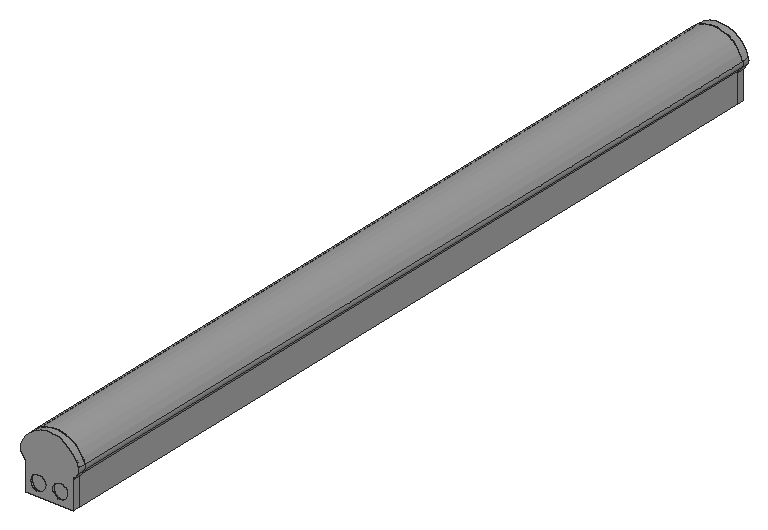
Revit family "SLLED4HTMOWT40-50120-277V", category Lighting Fixtures, host Face, Revit 2016
Family settings
  Host = Face
  Part Type = Normal
  Round Connector Dimension = Use Diameter
  Cut with Voids When Loaded = No
  Light Source = Yes
  Shared = No
  Room Calculation Point = No
Parameters (values of type "SLLED4HTMOWT50120-277V")
  Wattage Comments = "41.6"
  Wattage = 26.4639 W
  built-in parameter 1150110 = 1 (stored number, unit not read)
  Type Image = STRIP LED PICTURE.PNG
  Type Comments = "STRIPLED the ideal linear LED solution for budget conscious installations or replacement of linear fluorescent luminaires which are typically used in warehouses, aisle lighting, service corridors, office, garages, retail and other commercial environments. STRIPLED is IP44 and DLC qualified for utility rebates."
  built-in parameter 1114217 = 0.9 (stored number, unit not read)
  Tilt Angle = -90.00°
  built-in parameter 1150109 = 1 (stored number, unit not read)
  built-in parameter 1150134 = 2
  TOTAL L = (L1 + 0' 0 13/32") * 2  # 4' - 0"
  built-in parameter 1150113 = 1 (stored number, unit not read)
  REFLECTOR MATERIAL = REFLECTOR MATERIAL
  Photometric Web File = "SLLED4HTMOWT50120-277V.ies"
  Model = "SLLED4HTMOWT50120-277V"
  Manufacturer = "BEGHELLI"
  built-in parameter 1150105 = 4363.7 (stored number, unit not read)
  Lumens = 3931 lm
  built-in parameter 1150115 = 1 (stored number, unit not read)
  built-in parameter 1150137 = (empty or 0)
  built-in parameter 1150139 = (empty or 0)
  built-in parameter 1150112 = 1 (stored number, unit not read)
  built-in parameter 1150114 = 1 (stored number, unit not read)
  Lamp = "LED"
  L1 = L / 2  # 1' - 11 19/32"
  L = 3' - 11 3/16"
  built-in parameter 1150132 = 2
  built-in parameter 1150102 = (empty or 0)
  built-in parameter 1150107 = 5000 (stored number, unit not read)
  built-in parameter 1150138 = (empty or 0)
  built-in parameter 1150106 = 43.637 (stored number, unit not read)
  HOUSING MATERIAL = HOUSING MATERIAL
  Emit from Line Length = 2' - 0"
  built-in parameter 1150104 = 13.8 (stored number, unit not read)
  Dimming Lamp Color Temperature Shift = (empty or 0)
  Description = "STRIPLED offers both 4ft and 8ft configurations, color temperature 4000K & 5000K, with multiple mounting options."
  Default Elevation = 4' - 0"
  Color Filter = 16777215
  built-in parameter 1114218 = 1 (stored number, unit not read)
  built-in parameter 1150133 = 10 (stored number, unit not read)
Types (5): name | Wattage Comments | Wattage | built-in parameter 1150134 | TOTAL L | Photometric Web File | Model | built-in parameter 1150105 | Lumens | L1 | L | built-in parameter 1150107 | built-in parameter 1150106
  (no name) | "41.6" | 26.4639 W | 2 | 4' - 0" | "SLLED4HTMOWT50120-277V.ies" | "SLLED4HTMOWT50120-277V" | 4363.7 (stored number, unit not read) | 3931 lm | 1' - 11 19/32" | 3' - 11 3/16" | 5000 (stored number, unit not read) | 43.637 (stored number, unit not read)
  SLLED4HTMOWT40120-277V | "38.3" | 24.2154 W | 12 | 4' - 0" | "SLLED4HTMOWT40120-277V.ies" | "SLLED4HTMOWT40120-277V" | 286.24 (stored number, unit not read) | 3597 lm | 1' - 11 19/32" | 3' - 11 3/16" | 4000 (stored number, unit not read) | 2.8624 (stored number, unit not read)
  SLLED4HTMOWT50120-277V | "41.6" | 26.4639 W | 2 | 4' - 0" | "SLLED4HTMOWT50120-277V.ies" | "SLLED4HTMOWT50120-277V" | 4363.7 (stored number, unit not read) | 3931 lm | 1' - 11 19/32" | 3' - 11 3/16" | 5000 (stored number, unit not read) | 43.637 (stored number, unit not read)
  SLLED4HTHOWT40120-277V | "54.4" | 39.3222 W | 12 | 8' - 0" | "SLLED8HTHOWT40120-277V.ies" | "SLLED4HTHOWT40120-277V" | 6737.3 (stored number, unit not read) | 5841 lm | 3' - 11 19/32" | 7' - 11 3/16" | 4000 (stored number, unit not read) | 67.373 (stored number, unit not read)
  SLLED4HTHOWT50120-277V | "60" | 41.0591 W | 2 | 8' - 0" | "SLLED8HTHOWT50120-277V_S.ies" | "SLLED4HTHOWT50120-277V" | 6770.3 (stored number, unit not read) | 6099 lm | 3' - 11 19/32" | 7' - 11 3/16" | 5000 (stored number, unit not read) | 67.703 (stored number, unit not read)
Values of the unnamed type that differ from the named types
  Dimming Lamp Color Temperature Shift = <None>
Reference planes (in)
  plane 1 "Center (Front/Back)": y = 0
  plane 2: z = 0
  plane 3 "Center (Left/Right)": x = 0
  plane 4: y = 23.59375
  plane 5: y = -23.60625
  plane 6: y = 23.99375
  plane 7: y = -24.00625
  plane 8: z = 3.00002
Dimensions and locks (in)
  "L1": plane 4 to plane 1 "Center (Front/Back)"
  locked: plane 6 to plane 4 at 0.4
  locked: plane 7 to plane 5 at 0.4
  "TOTAL L": plane 6 to plane 7
  aligned and locked: plane 2 to host face
  aligned and locked: level to host face
  aligned and locked: plane 7 to nested 3
  aligned and locked: plane 4 to nested 4
Automatic sketch dimensions
  host sketch curve to host sketch curve = 2' - 1.99313"
  host sketch curve to host sketch curve = 8' - 0"
Nested families (in)
  nested 1: "HOUSING" at (0, 0, 0), type "HOUSING"
    with L1 1' - 11 19/32", L 3' - 11 3/16"
  nested 2: "REFLECTOR-2" at (0, 0, 0), type "REFLECTOR"
    with L1 1' - 11 19/32", L 3' - 11 3/16"
  nested 3: "END CAP" at (0, -24.00625, 0), type "END CAP"
  nested 4: "END CAP" at (0, 23.99375, 0), type "END CAP"
Definition of nested family "HOUSING"
  Parameters (values of type "HOUSING")
    L1 = L / 2  # 1' - 11.6"
    L = 3' - 11.2"
    HOUSING MATERIAL = none
  Reference planes (in)
    plane 1 "Center (Front/Back)": y = 0
    plane 2: z = 0
    plane 3 "Center (Left/Right)": x = 0
    plane 4: z = 3.6
    plane 5: y = 23.6
    plane 6: y = -23.6
  Forms (in)
    Extrusion 1, solid, material <- "HOUSING MATERIAL"
      sketch origin (0, 0, 0) x (1, 0, 0) y (0, 0, 1)
        loop
          line (-1.08937, 1.74893) -> (-1.32001, 1.74893)
          arc (-1.32001, 1.74893) -> (-1.36098, 1.73196) -> (-1.37795, 1.69098) r 0.05795
          line (-1.37795, 1.69098) -> (-1.37795, 0) -> (-0.00143, 0) -> (1.37795, 0) -> (1.37795, 1.69098)
          arc (1.37795, 1.69098) -> (1.36098, 1.73196) -> (1.32001, 1.74893) r 0.05795
          line (1.32001, 1.74893) -> (1.08937, 1.74893) -> (1.08937, 1.70205) -> (1.33108, 1.70205) -> (1.33108, 0.06147) -> (-0.00143, 0.06147) -> (-1.33108, 0.06147) -> (-1.33108, 1.70205) -> (-1.08937, 1.70205) -> (-1.08937, 1.74893)
      from -23.6 to 23.6
  Dimensions and locks (in)
    "L1": plane 5 to plane 1 "Center (Front/Back)"
    "L": plane 5 to plane 6
    aligned and locked: plane 2 to level
    aligned and locked: plane 5 to Extrusion 1
    aligned and locked: plane 6 to Extrusion 1
  Automatic sketch dimensions
    Extrusion 1 sketch curve to level = 0' - 0"
    Extrusion 1 sketch curve to plane 3 "Center (Left/Right)" = 0' - 1.37795"
    Extrusion 1 sketch curve to Extrusion 1 sketch curve = 0' - 0 3/64"  (x2)
    Extrusion 1 sketch curve to Extrusion 1 sketch curve = 0' - 0.01107"  (x3)
    Extrusion 1 sketch curve to Extrusion 1 sketch curve = 0' - 0.23064"  (x2)
    Extrusion 1 sketch curve to plane 3 "Center (Left/Right)" = 0' - 0.00143"  (x2)
    plane 3 "Center (Left/Right)" to Extrusion 1 sketch curve = 0' - 1.08937"
    level to Extrusion 1 sketch curve = 0' - 0.06147"
    plane 3 "Center (Left/Right)" to Extrusion 1 sketch curve = 0' - 1.33108"
    Extrusion 1 sketch curve to Extrusion 1 sketch curve = 0' - 1.62951"  (x2)
Definition of nested family "REFLECTOR-2"
  Parameters (values of type "REFLECTOR")
    REFLECTOR MATERIAL = none
    L1 = L / 2  # 1' - 11.6"
    L = 3' - 11.2"
  Reference planes (in)
    plane 1 "Center (Front/Back)": y = 0
    plane 2: z = 0
    plane 3 "Center (Left/Right)": x = 0
    plane 4: y = 23.6
    plane 5: y = -23.6
  Forms (in)
    Extrusion 1, solid, material <- "REFLECTOR MATERIAL"
      sketch origin (0, 0, 0) x (1, 0, 0) y (0, 0, 1)
        loop
          arc (1.66981, 2.28662) -> (0, 3.54724) -> (-1.66981, 2.28662) r 1.73622
          arc (-1.66981, 2.28662) -> (-1.68107, 2.09808) -> (-1.61171, 1.92239) r 0.43701
          arc (-1.61171, 1.92239) -> (-1.50642, 1.80131) -> (-1.375, 1.70925) r 0.65946
          arc (-1.375, 1.70925) -> (-1.35391, 1.73797) -> (-1.32001, 1.74893) r 0.05795
          line (-1.32001, 1.74893) -> (-1.08937, 1.74893) -> (-1.08937, 1.70205) -> (-1.04249, 1.70205) -> (-1.04249, 1.7958) -> (-1.32001, 1.7958)
          arc (-1.32001, 1.7958) -> (-1.35623, 1.78935) -> (-1.38798, 1.77077) r 0.10482
          arc (-1.38798, 1.77077) -> (-1.48984, 1.84991) -> (-1.57286, 1.94862) r 0.61258
          arc (-1.57286, 1.94862) -> (-1.63478, 2.10546) -> (-1.62473, 2.27378) r 0.39013
          arc (-1.62473, 2.27378) -> (0, 3.50037) -> (1.62473, 2.27378) r 1.68935
          arc (1.62473, 2.27378) -> (1.63478, 2.10546) -> (1.57286, 1.94862) r 0.39013
          arc (1.57286, 1.94862) -> (1.48984, 1.84991) -> (1.38798, 1.77077) r 0.61258
          arc (1.38798, 1.77077) -> (1.35623, 1.78935) -> (1.32001, 1.7958) r 0.10482
          line (1.32001, 1.7958) -> (1.04249, 1.7958) -> (1.04249, 1.70205) -> (1.08937, 1.70205) -> (1.08937, 1.74893) -> (1.32001, 1.74893)
          arc (1.32001, 1.74893) -> (1.35391, 1.73797) -> (1.375, 1.70925) r 0.05795
          arc (1.375, 1.70925) -> (1.50642, 1.80131) -> (1.61171, 1.92239) r 0.65946
          arc (1.61171, 1.92239) -> (1.68107, 2.09808) -> (1.66981, 2.28662) r 0.43701
      from -23.6 to 23.6
  Dimensions and locks (in)
    "L1": plane 4 to plane 1 "Center (Front/Back)"
    "L": plane 4 to plane 5
    aligned and locked: plane 2 to level
    aligned and locked: plane 4 to Extrusion 1
    aligned and locked: plane 5 to Extrusion 1
  Automatic sketch dimensions
    Extrusion 1 sketch curve to Extrusion 1 sketch curve = 0' - 0"  (x20)
    Extrusion 1 sketch curve to plane 3 "Center (Left/Right)" = 0' - 0"
    Extrusion 1 sketch curve to plane 3 "Center (Left/Right)" = 0' - 1.04249"
    Extrusion 1 sketch curve to Extrusion 1 sketch curve = 0' - 0.02266"  (x2)
    Extrusion 1 sketch curve to Extrusion 1 sketch curve = 0' - 0 3/64"  (x5)
    Extrusion 1 sketch curve to Extrusion 1 sketch curve = 0' - 0.18436"  (x2)
    Extrusion 1 sketch curve to Extrusion 1 sketch curve = 0' - 0.23064"  (x2)
    plane 3 "Center (Left/Right)" to Extrusion 1 sketch curve = 0' - 1.04249"
    level to Extrusion 1 sketch curve = 0' - 1.69098"  (x2)
    Extrusion 1 sketch curve to Extrusion 1 sketch curve = 0' - 0.01107"  (x2)
    Extrusion 1 sketch curve to Extrusion 1 sketch curve = 0' - 0.05795"
    Extrusion 1 sketch curve to Extrusion 1 sketch curve = 0' - 0.01522"
    Extrusion 1 sketch curve to Extrusion 1 sketch curve = 0' - 0 95/256"  (x2)
    Extrusion 1 sketch curve to Extrusion 1 sketch curve = 0' - 0.12447"  (x2)
    Extrusion 1 sketch curve to Extrusion 1 sketch curve = 0' - 0.05499"  (x2)
    Extrusion 1 sketch curve to Extrusion 1 sketch curve = 0' - 0.01299"  (x2)
Definition of nested family "END CAP"
  Parameters (values of type "END CAP")
    END CAP MATERIAL = none
  Reference planes (in)
    plane 1 "Center (Front/Back)": y = 0
    plane 2: z = 0
    plane 3 "Center (Left/Right)": x = 0
    plane 4: x = -1.7
    plane 5: z = 3.6
    plane 6: y = 0.4
  Forms (in)
    Extrusion 1, solid, material <- "END CAP MATERIAL"
      sketch origin (0, 0, 0) x (1, 0, 0) y (0, 0, 1)
        loop
          line (-1.37795, 1.69685) -> (-1.37795, 0) -> (1.37795, 0) -> (1.37795, 1.69685) -> (1.41568, 1.69685) -> (1.44574, 1.67656) -> (1.61171, 1.92239)
          arc (1.61171, 1.92239) -> (1.68107, 2.09808) -> (1.66981, 2.28662) r 0.43701
          arc (1.66981, 2.28662) -> (0, 3.54724) -> (-1.66981, 2.28662) r 1.73622
          arc (-1.66981, 2.28662) -> (-1.68107, 2.09808) -> (-1.61171, 1.92239) r 0.43701
          line (-1.61171, 1.92239) -> (-1.44574, 1.67656) -> (-1.41568, 1.69685) -> (-1.37795, 1.69685)
      from -0.4 to 0
    Extrusion 2, void
      sketch origin (0, 0, 0) x (1, 0, 0) y (0, 0, 1)
        loop
          arc (-0.65245, 1.14508) -> (-0.93517, 1.02148) -> (-1.06577, 0.74193) r 0.43701
          arc (-1.06577, 0.74193) -> (-0.3249, 0.3958) -> (-0.65245, 1.14508) r 0.43701
      from -0.06006 to 0.11548
    Extrusion 3, void
      sketch origin (0, 0, 0) x (1, 0, 0) y (0, 0, 1)
        loop
          arc (1.55335, 2.25345) -> (0, 3.42615) -> (-1.55335, 2.25345) r 1.61513
          arc (-1.55335, 2.25345) -> (-1.56149, 2.11715) -> (-1.51135, 1.99015) r 0.31591
          line (-1.51135, 1.99015) -> (-1.25686, 1.6132) -> (-1.25686, 0.12109) -> (1.25686, 0.12109) -> (1.25686, 1.6132) -> (1.51135, 1.99015)
          arc (1.51135, 1.99015) -> (1.56149, 2.11715) -> (1.55335, 2.25345) r 0.31591
      from -0.64905 to -0.19227
    Extrusion 4, void
      sketch origin (0, 0, 0) x (-1, 0, 0) y (0, 0, -1)
        loop
          arc (-0.65245, -1.14508) -> (-0.3249, -0.3958) -> (-1.06577, -0.74193) r 0.43701
          arc (-1.06577, -0.74193) -> (-0.93517, -1.02148) -> (-0.65245, -1.14508) r 0.43701
      from -0.06006 to 0.11548
  Cuts and joins
    Extrusion 2, Extrusion 3, Extrusion 4 cuts Extrusion 1
  Dimensions and locks (in)
    aligned and locked: plane 2 to level
Types in the file's own list only (2): name | Wattage Comments
  SLLED4HTMOWT40-50120-277V | "38.3W"
  SLLED4HTMOWT50-50120-277V | "41.6W"
